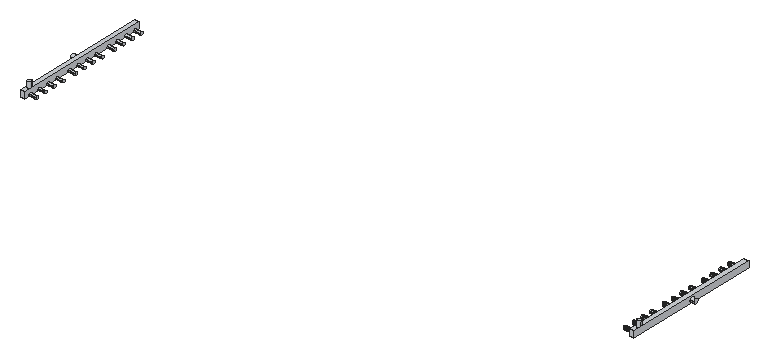
Revit family "INFRA_AQUA_ECO_CONNECTOR_TYPE_3", category Mechanical Equipment, Revit 2015
Parameters (values of type "Type 3 L=4000")
  URL = "http://www.markclimate.co.uk/radiant-heating/water-supplied/infra-aqua-eco/"
  Type_index = 12
  Thickness = 30 mm
  Width = 968 mm
  Pressure_loss = 0.0 psi
  Medium_overtemp_num [instance] = Average_water_temperature °C - Area_temperature °C  # 36
  Manufacturer = "MARK Climate Technology"  # constant formula
  Lookup_table_name [instance] = "Warmteafgiftetabel"  # constant formula
  Length = 4000 mm
  K [instance] = Average_water_temperature °C - Area_temperature °C  # 36
  Height = 40 mm
  Heating_output_num [instance] = size_lookup(Lookup_table_name, "PHR3", 0, Medium_overtemp_num)  # 360
  Heating_output [instance] = Length / 1000 mm * Heating_output_num * 1 W  # 1440 W
  Flow = Type_index * 0.04 L/s  # 0.48 L/s
  Drain_point [instance] = yes
  Description = "Connector type 3"  # constant formula
  Average_water_temperature °C [instance] = 54
  Area_temperature °C [instance] = 18
Types (3, lengths in mm): name | Length | Heating_output
  (no name) | 4000 | 1440 W
  Type 3 L=4000 | 4000 | 1440 W
  Type 3 L=6000 | 6000 | 2160 W
Reference planes
  plane 1 "Center (Front/Back)": y = 0
  plane 2: z = 0
  plane 3 "Center (Left/Right)": x = 0
  plane 4: y = 37.5
  plane 5: y = 112.5
  plane 6: y = -37.5
  plane 7: y = -112.5
  plane 8: y = 331
  plane 9: y = -92.5
  plane 10: x = 30
  plane 11: y = 815
  plane 12: y = -153
  plane 13: z = 28
  plane 14: z = -12
  plane 15: x = 82.5
  plane 16: x = 4082.5
  plane 17: x = 4135
  plane 18: x = 4165
  plane 19: z = -3.6
  plane 20: y = 443.5
  plane 21: y = 368.5
  plane 22: y = 293.5
  plane 23: y = 218.5
  plane 24: y = 773.5
  plane 25: y = 698.5
  plane 26: y = 623.5
  plane 27: y = 548.5
Forms (mm)
  Extrusion 1, solid
    sketch origin (12, 0, 0) x (1, 0, 0) y (0, 1, 0)
      loop
        line (18, 815) -> (-12, 815) -> (-12, -153) -> (18, -153) -> (18, 815)
    from -12 to 28
  Extrusion 2, solid
    sketch origin (0, -23.74, -23.5) x (0, 1, 0) y (0, 0, 1)
      loop
        circle (136.24, 19.9) r 7.5
      loop
        circle (61.24, 19.9) r 7.5
      loop
        circle (-13.76, 19.9) r 7.5
      loop
        circle (-88.76, 19.9) r 7.5
      loop
        circle (242.24, 19.9) r 7.5
      loop
        circle (317.24, 19.9) r 7.5
      loop
        circle (467.24, 19.9) r 7.5
      loop
        circle (392.24, 19.9) r 7.5
      loop
        circle (572.24, 19.9) r 7.5
      loop
        circle (722.24, 19.9) r 7.5
      loop
        circle (647.24, 19.9) r 7.5
      loop
        circle (797.24, 19.9) r 7.5
    from 30 to 82.5
  Extrusion 3, solid
    sketch origin (0, 0, -12) x (0, 1, 0) y (0, 0, 1)
      loop
        circle (331, 20) r 13.5
    from -32.5 to 0
  Extrusion 4, solid
    sketch origin (582, 0, 0) x (1, 0, 0) y (0, 1, 0)
      loop
        line (3583, 815) -> (3553, 815) -> (3553, -153) -> (3583, -153) -> (3583, 815)
    from -12 to 28
  Extrusion 5, solid
    sketch origin (487.5, 0.5, -23.5) x (0, 1, 0) y (0, 0, 1)
      loop
        circle (112, 19.9) r 7.5
      loop
        circle (37, 19.9) r 7.5
      loop
        circle (-38, 19.9) r 7.5
      loop
        circle (-113, 19.9) r 7.5
      loop
        circle (218, 19.9) r 7.5
      loop
        circle (293, 19.9) r 7.5
      loop
        circle (368, 19.9) r 7.5
      loop
        circle (443, 19.9) r 7.5
      loop
        circle (623, 19.9) r 7.5
      loop
        circle (548, 19.9) r 7.5
      loop
        circle (698, 19.9) r 7.5
      loop
        circle (773, 19.9) r 7.5
    from 3595 to 3647.5
  Extrusion 6, solid
    sketch origin (696.5, 0, -12) x (0, 1, 0) y (0, 0, 1)
      loop
        circle (331, 20) r 13.5
    from 3468.5 to 3500.5
  Extrusion 7, solid, visible <- "Drain_point"
    sketch origin (0, 0, 0) x (1, 0, 0) y (0, 1, 0)
      loop
        circle (15, -93) r 13
    from 28 to 62
  Extrusion 8, solid, visible <- "Drain_point"
    sketch origin (0, 0, 0) x (1, 0, 0) y (0, 1, 0)
      loop
        circle (4150, -93) r 13
    from 28 to 62
Dimensions and locks
  "Thickness": plane 3 "Center (Left/Right)" to plane 10
  "Height": plane 13 to plane 14
  locked: plane 10 to plane 15 at 52.5
  locked: Extrusion 3 to plane 3 "Center (Left/Right)" at 32.5
  locked: plane 16 to plane 17 at 52.5
  "Thickness": plane 17 to plane 18
  locked: Extrusion 4 to Extrusion 6 at 32
  "Length": plane 15 to plane 16
  "Width": plane 11 to plane 12
  equal spacing: plane 11, plane 8, plane 12
  plane 23 to plane 5 = 106 mm
  plane 27 to plane 20 = 105 mm
  plane 11 to plane 24 = 41.5 mm
  equal spacing: Extrusion 1, Extrusion 7 sketch curve, Extrusion 1
  Extrusion 7 sketch curve to plane 12 = 60 mm
  equal spacing: Extrusion 4, Extrusion 8 sketch curve, Extrusion 4
  Extrusion 8 sketch curve to plane 12 = 60 mm
  aligned and locked: level to plane 2
  aligned and locked: plane 10 to Extrusion 1
  aligned and locked: Extrusion 1 to plane 12
  aligned and locked: Extrusion 1 to plane 13
  aligned and locked: plane 15 to Extrusion 2
  aligned and locked: Extrusion 2 to plane 10
  aligned and locked: Extrusion 5 to plane 16
  aligned and locked: plane 18 to Extrusion 4
  aligned and locked: Extrusion 4 to plane 12
  aligned and locked: plane 17 to Extrusion 5
  aligned and locked: plane 16 to nested 4
  aligned and locked: plane 16 to nested 3
  aligned and locked: plane 16 to nested 1
  aligned and locked: plane 16 to nested 2
  aligned and locked: Extrusion 6 to Extrusion 4
  aligned and locked: plane 16 to nested 6
  aligned and locked: plane 16 to nested 8
  aligned and locked: plane 16 to nested 7
  aligned and locked: plane 16 to nested 5
  aligned and locked: plane 16 to Extrusion 5  (x5)
  aligned and locked: Extrusion 2 to plane 15
  aligned and locked: plane 11 to Extrusion 1
  aligned and locked: plane 11 to Extrusion 4
  aligned and locked: plane 16 to nested 12
  aligned and locked: plane 16 to nested 11
  aligned and locked: plane 16 to nested 10
  aligned and locked: plane 16 to nested 9
  aligned and locked: Extrusion 7 to Extrusion 1
  aligned and locked: Extrusion 8 to Extrusion 1
  aligned and locked: nested 4 to plane 7
  aligned and locked: nested 3 to plane 6
  aligned and locked: nested 2 to plane 4
  aligned and locked: nested 1 to plane 5
  aligned and locked: nested 5 to plane 23
  aligned and locked: plane 22 to nested 7
  aligned and locked: nested 8 to plane 21
  aligned and locked: nested 6 to plane 20
  aligned and locked: plane 27 to nested 9
  aligned and locked: nested 10 to plane 26
  aligned and locked: plane 25 to nested 11
  aligned and locked: nested 12 to plane 24
Automatic sketch dimensions
  Extrusion 3 sketch curve to plane 8 = 0 mm
  level to Extrusion 3 sketch curve = 8 mm
  Extrusion 6 sketch curve to plane 8 = 0 mm
  level to Extrusion 6 sketch curve = 8 mm
  Extrusion 4 sketch curve to plane 17 = 0 mm
  Extrusion 4 sketch curve to plane 12 = 0 mm
  Extrusion 4 sketch curve to plane 18 = 0 mm
  plane 11 to Extrusion 4 sketch curve = 0 mm
  Extrusion 1 sketch curve to plane 3 "Center (Left/Right)" = 0 mm
  Extrusion 1 sketch curve to plane 10 = 0 mm
  Extrusion 1 sketch curve to plane 12 = 0 mm
  plane 11 to Extrusion 1 sketch curve = 0 mm
  Extrusion 2 sketch curve to plane 7 = 0 mm
  Extrusion 2 sketch curve to plane 6 = 0 mm
  Extrusion 2 sketch curve to plane 4 = 0 mm
  Extrusion 2 sketch curve to plane 5 = 0 mm
  Extrusion 2 sketch curve to plane 19 = 0 mm  (x12)
  Extrusion 2 sketch curve to plane 23 = 0 mm
  plane 22 to Extrusion 2 sketch curve = 0 mm
  Extrusion 2 sketch curve to plane 21 = 0 mm
  Extrusion 2 sketch curve to plane 20 = 0 mm
  plane 27 to Extrusion 2 sketch curve = 0 mm
  Extrusion 2 sketch curve to plane 26 = 0 mm
  plane 25 to Extrusion 2 sketch curve = 0 mm
  Extrusion 2 sketch curve to plane 24 = 0 mm
  Extrusion 5 sketch curve to plane 7 = 0 mm
  Extrusion 5 sketch curve to plane 6 = 0 mm
  Extrusion 5 sketch curve to plane 4 = 0 mm
  Extrusion 5 sketch curve to plane 5 = 0 mm
  Extrusion 5 sketch curve to plane 19 = 0 mm  (x12)
  Extrusion 5 sketch curve to plane 23 = 0 mm
  plane 22 to Extrusion 5 sketch curve = 0 mm
  Extrusion 5 sketch curve to plane 21 = 0 mm
  Extrusion 5 sketch curve to plane 20 = 0 mm
  plane 27 to Extrusion 5 sketch curve = 0 mm
  Extrusion 5 sketch curve to plane 26 = 0 mm
  plane 25 to Extrusion 5 sketch curve = 0 mm
  Extrusion 5 sketch curve to plane 24 = 0 mm
  radius of Extrusion 3 sketch curve = 13.5 mm
  radius of Extrusion 6 sketch curve = 13.5 mm
  radius of Extrusion 2 sketch curve = 7.5 mm  (x12)
  radius of Extrusion 5 sketch curve = 7.5 mm  (x12)
  radius of Extrusion 7 sketch curve = 13 mm
  radius of Extrusion 8 sketch curve = 13 mm
Nested families
  nested 1: "NLRS_50_PIF_UN_perskoppeling_MARK" at (4082.5, 112.5, -3.6), type "ø15"
    with artikelnummer "", GTIN_Code "", EAN_code ""
  nested 2: "NLRS_50_PIF_UN_perskoppeling_MARK" at (4082.5, 37.5, -3.6), type "ø15"
    with artikelnummer "", GTIN_Code "", EAN_code ""
  nested 3: "NLRS_50_PIF_UN_perskoppeling_MARK" at (4082.5, -37.5, -3.6), type "ø15"
    with artikelnummer "", GTIN_Code "", EAN_code ""
  nested 4: "NLRS_50_PIF_UN_perskoppeling_MARK" at (4082.5, -112.5, -3.6), type "ø15"
    with artikelnummer "", GTIN_Code "", EAN_code ""
  nested 5: "NLRS_50_PIF_UN_perskoppeling_MARK" at (4082.5, 218.5, -3.6), type "ø15"
    with artikelnummer "", GTIN_Code "", EAN_code ""
  nested 6: "NLRS_50_PIF_UN_perskoppeling_MARK" at (4082.5, 443.5, -3.6), type "ø15"
    with artikelnummer "", GTIN_Code "", EAN_code ""
  nested 7: "NLRS_50_PIF_UN_perskoppeling_MARK" at (4082.5, 293.5, -3.6), type "ø15"
    with artikelnummer "", GTIN_Code "", EAN_code ""
  nested 8: "NLRS_50_PIF_UN_perskoppeling_MARK" at (4082.5, 368.5, -3.6), type "ø15"
    with artikelnummer "", GTIN_Code "", EAN_code ""
  nested 9: "NLRS_50_PIF_UN_perskoppeling_MARK" at (4082.5, 548.5, -3.6), type "ø15"
    with artikelnummer "", GTIN_Code "", EAN_code ""
  nested 10: "NLRS_50_PIF_UN_perskoppeling_MARK" at (4082.5, 623.5, -3.6), type "ø15"
    with artikelnummer "", GTIN_Code "", EAN_code ""
  nested 11: "NLRS_50_PIF_UN_perskoppeling_MARK" at (4082.5, 698.5, -3.6), type "ø15"
    with artikelnummer "", GTIN_Code "", EAN_code ""
  nested 12: "NLRS_50_PIF_UN_perskoppeling_MARK" at (4082.5, 773.5, -3.6), type "ø15"
    with artikelnummer "", GTIN_Code "", EAN_code ""
Connectors
  piping at (-32.5, 331, 8), diameter 27
    settings: on Extrusion 3, index 1, connector inside diameter 609.6 mm, connector length 0 mm, flow factor 0, pipe flow 0.0 L/s, pressure drop 0.0 psi, fitting loss kfactor 0, connector angle 0.00°, fixture units 0, engagement length 0 mm, angle of deflection 0.00°, flow configuration 0, flow direction 0, fitting loss method 0, system type 7, joint type 0, gender type 0, connector reference index -1, connector utility 0, adjustable connector no, is connector primary yes, connector description ""
  piping at (4197, 331, 8), diameter 27
    settings: on Extrusion 6, index 3, connector inside diameter 609.6 mm, connector length 0 mm, flow factor 0, pipe flow 0.0 L/s, pressure drop 0.0 psi, fitting loss kfactor 0, connector angle 0.00°, fixture units 0, engagement length 0 mm, angle of deflection 0.00°, flow configuration 0, flow direction 0, fitting loss method 0, system type 8, joint type 0, gender type 0, connector reference index -1, connector utility 0, adjustable connector no, is connector primary no, connector description ""
  piping at (4197, 331, 8), diameter 27
    settings: on Extrusion 6, index 4, connector inside diameter 609.6 mm, connector length 0 mm, flow factor 0, pipe flow 0.0 L/s, pressure drop 0.0 psi, fitting loss kfactor 0, connector angle 0.00°, fixture units 0, engagement length 0 mm, angle of deflection 0.00°, flow configuration 0, flow direction 0, fitting loss method 0, system type 8, joint type 0, gender type 0, connector reference index -1, connector utility 0, adjustable connector no, is connector primary no, connector description ""
Definition of nested family "NLRS_50_PIF_UN_perskoppeling_MARK"
  Parameters (values of type "ø15")
    type_index = 0
    Radius = 7.5 mm
    product_serie = ""
    material_index = 0
    Lenght = 30 mm
    artikelnummer [instance] = ""
    Type Comments = ""
    NLRS_C_materiaal = none
    Model = "LOD400"
    Manufacturer = "Mark Climate Technology"  # constant formula
    IfcExportType = "UNION"  # constant formula
    IfcExportAs = "IfcPipeFitting"  # constant formula
    IfcDescription = Description  # "Press connection"
    GTIN_Code [instance] = ""
    EAN_code [instance] = ""
    Description = "Press connection"  # constant formula
    Date_last_modification = ""
  Reference planes
    plane 1 "Center (Front/Back)": y = 0
    plane 2: z = 0
    plane 3 "Center (Left/Right)": x = 0
  Forms (mm)
    Revolve 1, solid, material <- "NLRS_C_materiaal"
      sketch origin (0, 0, 0) x (1, 0, 0) y (0, 1, 0)
        loop
          line (-15, 7.5) -> (15, 7.5) -> (15, 9)
          arc (15, 9) -> (14, 10) -> (13, 9) r 1
          line (13, 9) -> (13, 8) -> (0.5, 8) -> (0.5, 9)
          arc (0.5, 9) -> (0, 9.5) -> (-0.5, 9) r 0.5
          line (-0.5, 9) -> (-0.5, 8) -> (-13, 8) -> (-13, 9)
          arc (-13, 9) -> (-14, 10) -> (-15, 9) r 1
          line (-15, 9) -> (-15, 7.5)
        axis (-15, 0) -> (15, 0)
      angle from 0 to 360
  Text (mm)
    text "®  Itannex" at (-0.074, 40.744, 0), in view "Ref. Level"
  Dimensions and locks
    "Radius": plane 1 "Center (Front/Back)" to Revolve 1 sketch curve
    Revolve 1 sketch curve to Revolve 1 sketch curve = 0.5 mm
    equal spacing: Revolve 1 sketch curve, plane 3 "Center (Left/Right)", Revolve 1 sketch curve
    Revolve 1 sketch curve to Revolve 1 sketch curve = 1.5 mm  (x3)
    "Lenght": Revolve 1 sketch curve to Revolve 1 sketch curve
    aligned and locked: level to plane 2
  Automatic sketch dimensions
    plane 1 "Center (Front/Back)" to Revolve 1 sketch curve = 0 mm
    Revolve 1 sketch curve to plane 3 "Center (Left/Right)" = 0 mm
    Revolve 1 sketch curve to Revolve 1 sketch curve = 1 mm  (x2)
    Revolve 1 sketch curve to plane 3 "Center (Left/Right)" = 0.5 mm
    Revolve 1 sketch curve to Revolve 1 sketch curve = 2 mm
    Revolve 1 sketch curve to Revolve 1 sketch curve = 3.224 mm
    Revolve 1 sketch curve to Revolve 1 sketch curve = 5.775 mm
